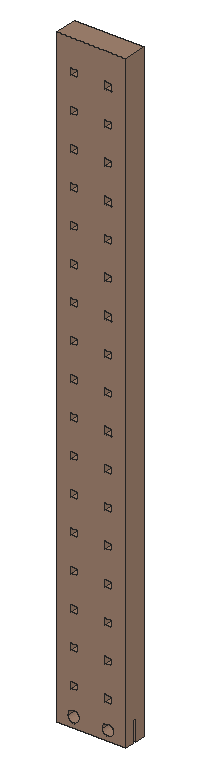
Revit family "KLS - wooden vertical furniture floor", category Generic Models, host Face, Revit 2014
Parameters
  wood = KLS - Wood (Oak)
  width = 100 mm
  void = 30 mm
  number of voids = (height - 300 mm) / 150 mm + 1  # 17
  length = 300 mm
  inside thickness = 15 mm
  hole radius = 25 mm
  height void = 150 mm
  height inside = 90 mm
  height = 2700 mm
  Default Elevation = 1219.2 mm
Reference planes
  plane 1 "Center (Front/Back)": y = 0
  plane 2: z = 0
  plane 3 "Center (Left/Right)": x = 0
  plane 4: y = 100
  plane 5: x = 300
  plane 6: y = 50
  plane 7: z = 2700
  plane 8: z = 90
  plane 9: y = 42.5
  plane 10: y = 57.5
  plane 11: x = 150
  plane 12: x = 225
  plane 13: x = 75
  plane 14: z = 45
  plane 15: z = 150
  plane 16: z = 180
  plane 17: x = 90
  plane 18: x = 60
  plane 19: x = 210
  plane 20: x = 240
Forms (mm)
  Extrusion 1, solid, material "KLS - Wood (Oak)" <- "wood"
    sketch origin (0, 0, 0) x (1, 0, 0) y (0, 1, 0)
      loop
        line (0, 100) -> (0, 0) -> (300, 0) -> (300, 100) -> (0, 100)
    from 0 to 2700
  Extrusion 2, void
    sketch origin (0, 0, 0) x (0, 1, 0) y (0, 0, 1)
      loop
        line (57.5, 90) -> (42.5, 90) -> (42.5, 0) -> (57.5, 0) -> (57.5, 90)
    from 0 to 300
  Extrusion 3, void
    sketch origin (0, 0, 0) x (1, 0, 0) y (0, 0, 1)
      loop
        circle (75, 45) r 25
      loop
        circle (225, 45) r 25
    from -100 to 0
  Extrusion 4, void
    sketch origin (0, 0, 0) x (1, 0, 0) y (0, 0, 1)
      loop
        line (60, 180) -> (60, 150) -> (90, 150) -> (90, 180) -> (60, 180)
    from -150 to 0
  Extrusion 5, void
    sketch origin (0, 0, 0) x (1, 0, 0) y (0, 0, 1)
      loop
        line (210, 180) -> (210, 150) -> (240, 150) -> (240, 180) -> (210, 180)
    from -150 to 0
  Extrusion 6, void
    sketch origin (0, 0, 150) x (1, 0, 0) y (0, 0, 1)
      loop
        line (60, 180) -> (60, 150) -> (90, 150) -> (90, 180) -> (60, 180)
    from -150 to 0
  Extrusion 7, void
    sketch origin (0, 0, 150) x (1, 0, 0) y (0, 0, 1)
      loop
        line (210, 180) -> (210, 150) -> (240, 150) -> (240, 180) -> (210, 180)
    from -150 to 0
  Extrusion 8, void
    sketch origin (0, 0, 300) x (1, 0, 0) y (0, 0, 1)
      loop
        line (60, 180) -> (60, 150) -> (90, 150) -> (90, 180) -> (60, 180)
    from -150 to 0
  Extrusion 9, void
    sketch origin (0, 0, 300) x (1, 0, 0) y (0, 0, 1)
      loop
        line (210, 180) -> (210, 150) -> (240, 150) -> (240, 180) -> (210, 180)
    from -150 to 0
  Extrusion 10, void
    sketch origin (0, 0, 450) x (1, 0, 0) y (0, 0, 1)
      loop
        line (60, 180) -> (60, 150) -> (90, 150) -> (90, 180) -> (60, 180)
    from -150 to 0
  Extrusion 11, void
    sketch origin (0, 0, 450) x (1, 0, 0) y (0, 0, 1)
      loop
        line (210, 180) -> (210, 150) -> (240, 150) -> (240, 180) -> (210, 180)
    from -150 to 0
  Extrusion 12, void
    sketch origin (0, 0, 600) x (1, 0, 0) y (0, 0, 1)
      loop
        line (60, 180) -> (60, 150) -> (90, 150) -> (90, 180) -> (60, 180)
    from -150 to 0
  Extrusion 13, void
    sketch origin (0, 0, 600) x (1, 0, 0) y (0, 0, 1)
      loop
        line (210, 180) -> (210, 150) -> (240, 150) -> (240, 180) -> (210, 180)
    from -150 to 0
  Extrusion 14, void
    sketch origin (0, 0, 750) x (1, 0, 0) y (0, 0, 1)
      loop
        line (60, 180) -> (60, 150) -> (90, 150) -> (90, 180) -> (60, 180)
    from -150 to 0
  Extrusion 15, void
    sketch origin (0, 0, 750) x (1, 0, 0) y (0, 0, 1)
      loop
        line (210, 180) -> (210, 150) -> (240, 150) -> (240, 180) -> (210, 180)
    from -150 to 0
  Extrusion 16, void
    sketch origin (0, 0, 900) x (1, 0, 0) y (0, 0, 1)
      loop
        line (60, 180) -> (60, 150) -> (90, 150) -> (90, 180) -> (60, 180)
    from -150 to 0
  Extrusion 17, void
    sketch origin (0, 0, 900) x (1, 0, 0) y (0, 0, 1)
      loop
        line (210, 180) -> (210, 150) -> (240, 150) -> (240, 180) -> (210, 180)
    from -150 to 0
  Extrusion 18, void
    sketch origin (0, 0, 1050) x (1, 0, 0) y (0, 0, 1)
      loop
        line (60, 180) -> (60, 150) -> (90, 150) -> (90, 180) -> (60, 180)
    from -150 to 0
  Extrusion 19, void
    sketch origin (0, 0, 1050) x (1, 0, 0) y (0, 0, 1)
      loop
        line (210, 180) -> (210, 150) -> (240, 150) -> (240, 180) -> (210, 180)
    from -150 to 0
  Extrusion 20, void
    sketch origin (0, 0, 1200) x (1, 0, 0) y (0, 0, 1)
      loop
        line (60, 180) -> (60, 150) -> (90, 150) -> (90, 180) -> (60, 180)
    from -150 to 0
  Extrusion 21, void
    sketch origin (0, 0, 1200) x (1, 0, 0) y (0, 0, 1)
      loop
        line (210, 180) -> (210, 150) -> (240, 150) -> (240, 180) -> (210, 180)
    from -150 to 0
  Extrusion 22, void
    sketch origin (0, 0, 1350) x (1, 0, 0) y (0, 0, 1)
      loop
        line (60, 180) -> (60, 150) -> (90, 150) -> (90, 180) -> (60, 180)
    from -150 to 0
  Extrusion 23, void
    sketch origin (0, 0, 1350) x (1, 0, 0) y (0, 0, 1)
      loop
        line (210, 180) -> (210, 150) -> (240, 150) -> (240, 180) -> (210, 180)
    from -150 to 0
  Extrusion 24, void
    sketch origin (0, 0, 1500) x (1, 0, 0) y (0, 0, 1)
      loop
        line (60, 180) -> (60, 150) -> (90, 150) -> (90, 180) -> (60, 180)
    from -150 to 0
  Extrusion 25, void
    sketch origin (0, 0, 1500) x (1, 0, 0) y (0, 0, 1)
      loop
        line (210, 180) -> (210, 150) -> (240, 150) -> (240, 180) -> (210, 180)
    from -150 to 0
  Extrusion 26, void
    sketch origin (0, 0, 1650) x (1, 0, 0) y (0, 0, 1)
      loop
        line (60, 180) -> (60, 150) -> (90, 150) -> (90, 180) -> (60, 180)
    from -150 to 0
  Extrusion 27, void
    sketch origin (0, 0, 1650) x (1, 0, 0) y (0, 0, 1)
      loop
        line (210, 180) -> (210, 150) -> (240, 150) -> (240, 180) -> (210, 180)
    from -150 to 0
  Extrusion 28, void
    sketch origin (0, 0, 1800) x (1, 0, 0) y (0, 0, 1)
      loop
        line (60, 180) -> (60, 150) -> (90, 150) -> (90, 180) -> (60, 180)
    from -150 to 0
  Extrusion 29, void
    sketch origin (0, 0, 1800) x (1, 0, 0) y (0, 0, 1)
      loop
        line (210, 180) -> (210, 150) -> (240, 150) -> (240, 180) -> (210, 180)
    from -150 to 0
  Extrusion 30, void
    sketch origin (0, 0, 1950) x (1, 0, 0) y (0, 0, 1)
      loop
        line (60, 180) -> (60, 150) -> (90, 150) -> (90, 180) -> (60, 180)
    from -150 to 0
  Extrusion 31, void
    sketch origin (0, 0, 1950) x (1, 0, 0) y (0, 0, 1)
      loop
        line (210, 180) -> (210, 150) -> (240, 150) -> (240, 180) -> (210, 180)
    from -150 to 0
  Extrusion 32, void
    sketch origin (0, 0, 2100) x (1, 0, 0) y (0, 0, 1)
      loop
        line (60, 180) -> (60, 150) -> (90, 150) -> (90, 180) -> (60, 180)
    from -150 to 0
  Extrusion 33, void
    sketch origin (0, 0, 2100) x (1, 0, 0) y (0, 0, 1)
      loop
        line (210, 180) -> (210, 150) -> (240, 150) -> (240, 180) -> (210, 180)
    from -150 to 0
  Extrusion 34, void
    sketch origin (0, 0, 2250) x (1, 0, 0) y (0, 0, 1)
      loop
        line (60, 180) -> (60, 150) -> (90, 150) -> (90, 180) -> (60, 180)
    from -150 to 0
  Extrusion 35, void
    sketch origin (0, 0, 2250) x (1, 0, 0) y (0, 0, 1)
      loop
        line (210, 180) -> (210, 150) -> (240, 150) -> (240, 180) -> (210, 180)
    from -150 to 0
  Extrusion 36, void
    sketch origin (0, 0, 2400) x (1, 0, 0) y (0, 0, 1)
      loop
        line (60, 180) -> (60, 150) -> (90, 150) -> (90, 180) -> (60, 180)
    from -150 to 0
  Extrusion 37, void
    sketch origin (0, 0, 2400) x (1, 0, 0) y (0, 0, 1)
      loop
        line (210, 180) -> (210, 150) -> (240, 150) -> (240, 180) -> (210, 180)
    from -150 to 0
Cuts and joins
  Extrusion 2, Extrusion 3, Extrusion 4, Extrusion 5, Extrusion 6, Extrusion 7, Extrusion 8, Extrusion 9, Extrusion 10, Extrusion 11, Extrusion 12, Extrusion 13, Extrusion 14, Extrusion 15, Extrusion 16, Extrusion 17, Extrusion 18, Extrusion 19, Extrusion 20, Extrusion 21, Extrusion 22, Extrusion 23, Extrusion 24, Extrusion 25, Extrusion 26, Extrusion 27, Extrusion 28, Extrusion 29, Extrusion 30, Extrusion 31, Extrusion 32, Extrusion 33, Extrusion 34, Extrusion 35, Extrusion 36, Extrusion 37 cuts Extrusion 1
Dimensions and locks
  "height": plane 7 to level
  "length": plane 3 "Center (Left/Right)" to plane 5
  "width": plane 4 to plane 1 "Center (Front/Back)"
  equal spacing: plane 4, plane 6, plane 1 "Center (Front/Back)"
  equal spacing: plane 10, plane 6, plane 9
  "inside thickness": plane 10 to plane 9
  "height inside": plane 8 to level
  equal spacing: plane 5, plane 12, plane 11, plane 13, plane 3 "Center (Left/Right)"
  equal spacing: plane 8, plane 14, level
  "height void": plane 15 to level
  "void": plane 16 to plane 15
  equal spacing: plane 17, plane 13, plane 18
  "void": plane 17 to plane 18
  equal spacing: plane 20, plane 12, plane 19
  "void": plane 20 to plane 19
  equal spacing: group 1, group 2, group 3, group 4, group 5, group 6, group 7, group 8, group 9, group 10, group 11, group 12, group 13, group 14, group 15, group 16, group 17  (x3)
  "hole radius": radius of Extrusion 3 sketch curve  (x2)
  aligned and locked: plane 2 to host face
  aligned and locked: level to host face
  aligned and locked: Extrusion 1 sketch curve to plane 4
  aligned and locked: plane 3 "Center (Left/Right)" to Extrusion 1 sketch curve
  aligned and locked: Extrusion 1 sketch curve to plane 1 "Center (Front/Back)"
  aligned and locked: Extrusion 1 sketch curve to plane 5
  aligned and locked: plane 7 to Extrusion 1
  aligned and locked: plane 8 to Extrusion 2 sketch curve
  aligned and locked: Extrusion 2 sketch curve to plane 10
  aligned and locked: Extrusion 2 sketch curve to level
  aligned and locked: plane 9 to Extrusion 2 sketch curve
  aligned and locked: plane 5 to Extrusion 2
  aligned and locked: Extrusion 2 to plane 3 "Center (Left/Right)"
  aligned and locked: plane 4 to Extrusion 3
  aligned and locked: plane 1 "Center (Front/Back)" to Extrusion 3
  aligned and locked: plane 1 "Center (Front/Back)" to Extrusion 4
Automatic sketch dimensions
  host sketch curve to host sketch curve = 2438.4 mm  (x2)
  Extrusion 4 sketch curve to Extrusion 4 sketch curve = 30 mm  (x2)
  Extrusion 5 sketch curve to Extrusion 5 sketch curve = 30 mm  (x2)
  Extrusion 6 sketch curve to Extrusion 6 sketch curve = 30 mm  (x2)
  Extrusion 7 sketch curve to Extrusion 7 sketch curve = 30 mm  (x2)
  Extrusion 8 sketch curve to Extrusion 8 sketch curve = 30 mm  (x2)
  Extrusion 9 sketch curve to Extrusion 9 sketch curve = 30 mm  (x2)
  Extrusion 10 sketch curve to Extrusion 10 sketch curve = 30 mm  (x2)
  Extrusion 11 sketch curve to Extrusion 11 sketch curve = 30 mm  (x2)
  Extrusion 12 sketch curve to Extrusion 12 sketch curve = 30 mm  (x2)
  Extrusion 13 sketch curve to Extrusion 13 sketch curve = 30 mm  (x2)
  Extrusion 14 sketch curve to Extrusion 14 sketch curve = 30 mm  (x2)
  Extrusion 15 sketch curve to Extrusion 15 sketch curve = 30 mm  (x2)
  Extrusion 16 sketch curve to Extrusion 16 sketch curve = 30 mm  (x2)
  Extrusion 17 sketch curve to Extrusion 17 sketch curve = 30 mm  (x2)
  Extrusion 18 sketch curve to Extrusion 18 sketch curve = 30 mm  (x2)
  Extrusion 19 sketch curve to Extrusion 19 sketch curve = 30 mm  (x2)
  Extrusion 20 sketch curve to Extrusion 20 sketch curve = 30 mm  (x2)
  Extrusion 21 sketch curve to Extrusion 21 sketch curve = 30 mm  (x2)
  Extrusion 22 sketch curve to Extrusion 22 sketch curve = 30 mm  (x2)
  Extrusion 23 sketch curve to Extrusion 23 sketch curve = 30 mm  (x2)
  Extrusion 24 sketch curve to Extrusion 24 sketch curve = 30 mm  (x2)
  Extrusion 25 sketch curve to Extrusion 25 sketch curve = 30 mm  (x2)
  Extrusion 26 sketch curve to Extrusion 26 sketch curve = 30 mm  (x2)
  Extrusion 27 sketch curve to Extrusion 27 sketch curve = 30 mm  (x2)
  Extrusion 28 sketch curve to Extrusion 28 sketch curve = 30 mm  (x2)
  Extrusion 29 sketch curve to Extrusion 29 sketch curve = 30 mm  (x2)
  Extrusion 30 sketch curve to Extrusion 30 sketch curve = 30 mm  (x2)
  Extrusion 31 sketch curve to Extrusion 31 sketch curve = 30 mm  (x2)
  Extrusion 32 sketch curve to Extrusion 32 sketch curve = 30 mm  (x2)
  Extrusion 33 sketch curve to Extrusion 33 sketch curve = 30 mm  (x2)
  Extrusion 34 sketch curve to Extrusion 34 sketch curve = 30 mm  (x2)
  Extrusion 35 sketch curve to Extrusion 35 sketch curve = 30 mm  (x2)
  Extrusion 36 sketch curve to Extrusion 36 sketch curve = 30 mm  (x2)
  Extrusion 37 sketch curve to Extrusion 37 sketch curve = 30 mm  (x2)
  Extrusion 3 sketch curve to plane 13 = 0 mm
  Extrusion 3 sketch curve to plane 12 = 0 mm
  Extrusion 3 sketch curve to plane 14 = 0 mm  (x2)
